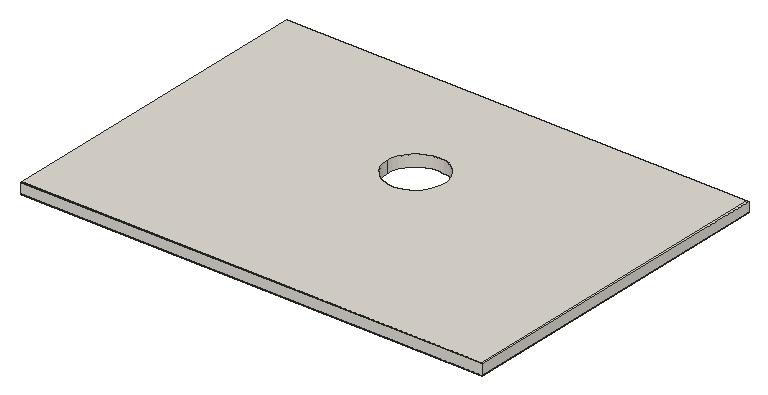
Revit family "Furniture-Counter_Top-KOHLER-Landshapes-K-32307_1", category Specialty Equipment, host Face, Revit 2021
Family settings
  Host = Face
  Round Connector Dimension = Use Diameter
  Part Type = Normal
  OmniClass Number = 23.31.25.00
  OmniClass Title = Toilet and Bath Specialties
  Cut with Voids When Loaded = No
  Shared = No
  Room Calculation Point = No
Parameters (values of type "HEL-Liquid Shell")
  Width = 31.14173"  # constant formula
  WaterSense Certified = 1 = 0  # no
  URL = "https://www.us.kohler.com/us/"
  Type = 1
  Product Page URL = "http://www.us.kohler.com/us/catalog/productDetails.jsp?productNumber=32307"
  Product Name = "Landshapes"  # constant formula
  Product Documentation Link = "https://www.us.kohler.com/webassets/kpna/catalog/pdf/en/K-32307_spec_US-CA_Kohler_en.pdf"
  Model = if(Type = 1, "K-32307-HEL", "NA")  # "K-32307-HEL"
  Material = "Solid Surface"  # constant formula
  Master Format 2014 Name = "Toilet, Bath, and Laundry Accessories"  # constant formula
  Master Format 2014 = "10 28 00"  # constant formula
  Manufacturer Address = "444 Highland Dr, Kohler, WI 53044"  # constant formula
  Manufacturer = "Kohler Co."  # constant formula
  Length = 22.40157"  # constant formula
  Height = 0.7874"  # constant formula
  Finish = KOHLER-Quartz-HEL-Liquid_Shell
  Environmental Product Declaration = ""
  Description = "30 Inches silestone Top Daniel Arsham"  # constant formula
  Default Elevation = 36"
  Declare Label = ""
  Date Modified = "04/12/2024"  # constant formula
  Date Created = "04/12/2024"  # constant formula
  Copyright = "Copyright Kohler Co."  # constant formula
  Contact Us = "https://www.us.kohler.com/us/static/contact.jsp"
  Assembly Code = "C1030200"
  ADA Compliant = 1 = 0  # no
Reference planes (in)
  plane 1 "Center (Front/Back)": y = 0
  plane 2: z = 0
  plane 3 "Center (Left/Right)": x = 0
  plane 4: y = 11.20079
  plane 5: y = -11.20079
  plane 6: x = -15.57087
  plane 7: x = 15.57087
  plane 8: y = 2.65748
  plane 9: z = 0.7874
Dimensions and locks (in)
  "Width": plane 6 to plane 7
  "Length": plane 4 to plane 5
  plane 8 to plane 5 = 13.85827"
  plane 6 to plane 3 "Center (Left/Right)" = 15.57087"
  "Height": plane 9 to level
  aligned and locked: plane 2 to host face
  aligned and locked: level to host face
  aligned and locked: plane 3 "Center (Left/Right)" to nested 1
Automatic sketch dimensions
  host sketch curve to host sketch curve = 96"  (x2)
Nested families (in)
  nested 1: "K-32307" at (0, 0, 0), type "K-32307"
Definition of nested family "K-32307"
  Parameters (values of type "K-32307")
    Material = none
    Default Elevation = 0"
  Reference planes (in)
    plane 1 "Center (Front/Back)": y = 0
    plane 2: z = 0
    plane 3 "Center (Left/Right)": x = 0
    plane 4: y = 11.20079
    plane 5: y = -11.20079
    plane 6: y = 2.65748
    plane 7: x = -15.57087
    plane 8: x = 15.57087
    plane 9: z = 0.7874
  Forms (in)
    Sweep 1, solid, material <- "Material", detail levels medium+fine
      path origin (0, 0, 0) x (1, 0, 0) y (0, 1, 0)
        loop
          line (15.57087, -11.20079) -> (15.57087, 11.20079) -> (-15.57087, 11.20079) -> (-15.57087, -11.20079) -> (15.57087, -11.20079)
      profile origin (0, -11.20079, 0) x (0, -1, 0) y (0, 0, 1)
        loop
          line (0, 0.059) -> (0, 0.7284) -> (-0.059, 0.7874) -> (-0.104, 0.7874) -> (-0.104, 0) -> (-0.059, 0) -> (0, 0.059)
    Extrusion 2, solid, material <- "Material", detail levels medium+fine
      sketch origin (0, 0, 0) x (1, 0, 0) y (0, 1, 0)
        loop
          circle (0, 2.6378) r 1.9685
        loop
          line (15.46687, 11.09679) -> (-15.46687, 11.09679) -> (-15.46687, -11.09679) -> (15.46687, -11.09679) -> (15.46687, 11.09679)
      from 0 to 0.7874
    Extrusion 3, solid, material <- "Material", detail levels coarse
      sketch origin (0, 0, 0) x (1, 0, 0) y (0, 1, 0)
        loop
          line (-15.57087, -11.20079) -> (15.57087, -11.20079) -> (15.57087, 11.20079) -> (-15.57087, 11.20079) -> (-15.57087, -11.20079)
        loop
          circle (0, 2.6378) r 1.9685
      from 0 to 0.7874
  Cuts and joins
    joined: Sweep 1, Extrusion 2
  Lines and regions (in)
    Masking region 1
      outline origin (0, 0, 0) x (1, 0, 0) y (0, 1, 0)
        loop
          line (-15.57087, 11.14179) -> (-15.57087, 0) -> (-15.57087, -11.14179) -> (-15.51187, -11.20079) -> (15.51187, -11.20079) -> (15.57087, -11.14179) -> (15.57087, 0) -> (15.57087, 11.14179) -> (15.51187, 11.20079) -> (-15.51187, 11.20079) -> (-15.57087, 11.14179)
        loop
          circle (0, 2.6378) r 1.9685
    Masking region 2
      outline origin (0, 0, 0) x (1, 0, 0) y (0, 0, 1)
        loop
          line (0, 0) -> (15.51187, 0) -> (15.57087, 0.059) -> (15.57087, 0.7284) -> (15.51187, 0.7874) -> (0, 0.7874) -> (-15.51187, 0.7874) -> (-15.57087, 0.7284) -> (-15.57087, 0.059) -> (-15.51187, 0) -> (0, 0)
    Masking region 3
      outline origin (0, 0, 0) x (0, 1, 0) y (0, 0, 1)
        loop
          line (11.20079, 0.7284) -> (11.14179, 0.7874) -> (-11.16147, 0.7874) -> (-11.20079, 0.74809) -> (-11.20079, 0.03931) -> (-11.16147, 0) -> (11.14179, 0) -> (11.20079, 0.059) -> (11.20079, 0.7284)
    symbolic lines, detail levels medium+fine
      curve 1: line (-15.51187, -11.14179, 0) -> (-15.51187, 11.14179, 0)
      curve 2: line (-15.51187, -11.14179, 0) -> (15.51187, -11.14179, 0)
      curve 3: line (-15.51187, 11.14179, 0) -> (15.51187, 11.14179, 0)
      curve 4: line (15.51187, -11.14179, 0) -> (15.51187, 11.14179, 0)
      curve 5: line (15.51187, 11.14179, 0) -> (15.54137, 11.17129, 0)
      curve 6: line (15.51187, -11.14179, 0) -> (15.54137, -11.17129, 0)
      curve 7: line (-15.51187, -11.14179, 0) -> (-15.54137, -11.17129, 0)
      curve 8: line (-15.51187, 11.14179, 0) -> (-15.54137, 11.17129, 0)
      curve 9: line (-15.51187, 0, 0.059) -> (-15.51187, 0, 0.7284)
      curve 10: line (15.51187, 0, 0.059) -> (-15.51187, 0, 0.059)
      curve 11: line (15.51187, 0, 0.7284) -> (-15.51187, 0, 0.7284)
      curve 12: line (15.51187, 0, 0.7284) -> (15.51187, 0, 0.059)
      curve 13: line (15.51187, 0, 0.7284) -> (15.54137, 0, 0.7579)
      curve 14: line (15.51187, 0, 0.059) -> (15.54137, 0, 0.0295)
      curve 15: line (-15.51187, 0, 0.7284) -> (-15.54137, 0, 0.7579)
      curve 16: line (-15.51187, 0, 0.059) -> (-15.54137, 0, 0.0295)
      curve 17: line (0, -11.16147, 0.7284) -> (0, 11.14179, 0.7284)
      curve 18: line (0, 11.14179, 0.7284) -> (0, 11.14179, 0.059)
      curve 19: line (0, -11.16147, 0.059) -> (0, 11.14179, 0.059)
      curve 20: line (0, -11.16147, 0.059) -> (0, -11.16147, 0.7284)
      curve 21: line (0, -11.16147, 0.7284) -> (0, -11.18113, 0.76774)
      curve 22: line (0, -11.16147, 0.059) -> (0, -11.18113, 0.01966)
      curve 23: line (0, 11.14179, 0.7284) -> (0, 11.17129, 0.7579)
      curve 24: line (0, 11.14179, 0.059) -> (0, 11.17129, 0.0295)
  Dimensions and locks (in)
    plane 7 to plane 8 = 31.14173"
    plane 4 to plane 5 = 22.40157"
    plane 6 to plane 5 = 13.85827"
    aligned and locked: level to plane 2
